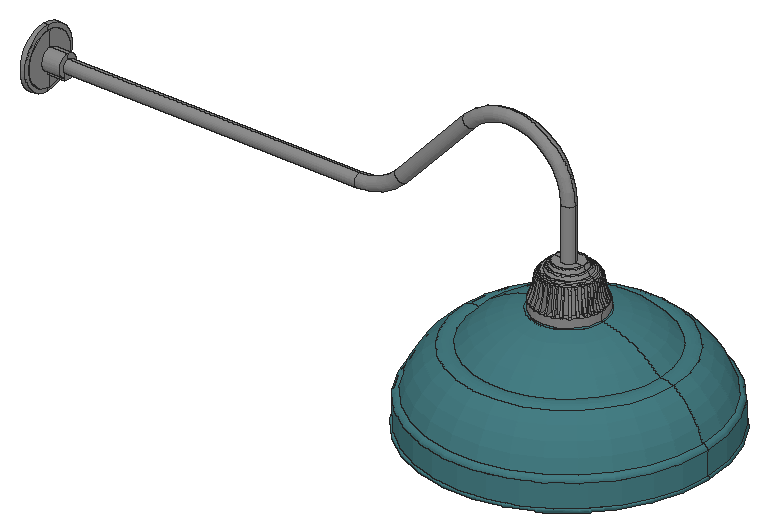
Revit family "Urban Bistro BRU 14,16,18,20,22", category Lighting Fixtures, Revit 2020 (continued)
Definition of nested family "BRU18_1"
  Definition of nested family "BRU18"
    Forms (in)
      Extrusion 29, void
        sketch origin (0, 0, 0.63091) x (-0.19509, -0.980785, 0) y (0, 0, 1)
          loop
            arc (0.1893, 7.17593) -> (0.16453, 8.05868) -> (0.1562, 8.94175) r 47.42066
        from 2.0371 to 2.60892
      Extrusion 30, void
        sketch origin (0, 0, 0.63091) x (0, 1, 0) y (0, 0, 1)
          loop
            arc (0.1562, 8.94175) -> (0, 9.10087) -> (-0.1562, 8.94175) r 0.15622
            arc (-0.1562, 8.94175) -> (-0.16453, 8.05868) -> (-0.1893, 7.17593) r 47.42066
            line (-0.1893, 7.17593) -> (0.1893, 7.17593)
            arc (0.1893, 7.17593) -> (0.16453, 8.05868) -> (0.1562, 8.94175) r 47.42066
        from 2.04193 to 2.60892
      Extrusion 31, void
        sketch origin (0, 0, 0.63091) x (0, -1, 0) y (0, 0, 1)
          loop
            arc (0.1562, 8.94175) -> (0, 9.10087) -> (-0.1562, 8.94175) r 0.15622
            arc (-0.1562, 8.94175) -> (-0.16453, 8.05868) -> (-0.1893, 7.17593) r 47.42066
            line (-0.1893, 7.17593) -> (0.1893, 7.17593)
            arc (0.1893, 7.17593) -> (0.16453, 8.05868) -> (0.1562, 8.94175) r 47.42066
        from 2.03697 to 2.60892
      Extrusion 32, void
        sketch origin (0, 0, 0.63091) x (0.55557, -0.83147, 0) y (0, 0, 1)
          loop
            arc (0.1562, 8.94175) -> (0, 9.10087) -> (-0.1562, 8.94175) r 0.15622
            arc (-0.1562, 8.94175) -> (-0.16453, 8.05868) -> (-0.1893, 7.17593) r 47.42066
            line (-0.1893, 7.17593) -> (0.1893, 7.17593)
            arc (0.1893, 7.17593) -> (0.16453, 8.05868) -> (0.1562, 8.94175) r 47.42066
        from 2.03636 to 2.60892
      Extrusion 33, void
        sketch origin (0, 0, 0.63091) x (-0.55557, 0.83147, 0) y (0, 0, 1)
          loop
            arc (0.1562, 8.94175) -> (0, 9.10087) -> (-0.1562, 8.94175) r 0.15622
            arc (-0.1562, 8.94175) -> (-0.16453, 8.05868) -> (-0.1893, 7.17593) r 47.42066
            line (-0.1893, 7.17593) -> (0.1893, 7.17593)
            arc (0.1893, 7.17593) -> (0.16453, 8.05868) -> (0.1562, 8.94175) r 47.42066
        from 2.06299 to 2.60892
      Revolve 34, solid, material <- "SHADE", visible <- "BRU18"
        sketch origin (0, 0, 0) x (1, 0, 0) y (0, 0, 1)
          loop
            line (-2.25, 7.12517) -> (-2.57824, 7.12517)
            arc (-2.57824, 7.12517) -> (-4.14576, 6.64168) -> (-5.50714, 5.7265) r 5.625
            arc (-5.50714, 5.7265) -> (-6.00768, 5.73156) -> (-6.44795, 5.49341) r 1
            arc (-6.44795, 5.49341) -> (-7.6796, 4.03092) -> (-8.52123, 2.31411) r 7.85162
            arc (-8.52123, 2.31411) -> (-8.78684, 2.20214) -> (-8.89453, 1.93476) r 0.375
            line (-8.89453, 1.93476) -> (-8.875, 0.25017)
            arc (-8.875, 0.25017) -> (-9.00009, 0.12509) -> (-8.875, 0) r 0.12509
            line (-8.875, 0) -> (-8.77834, 0) -> (-8.80079, 1.93585)
            arc (-8.80079, 1.93585) -> (-8.69604, 2.1581) -> (-8.4566, 2.21322) r 0.28125
            arc (-8.4566, 2.21322) -> (-7.62124, 3.94861) -> (-6.38413, 5.42473) r 7.75787
            arc (-6.38413, 5.42473) -> (-5.96044, 5.64631) -> (-5.48295, 5.62143) r 0.90625
            arc (-5.48295, 5.62143) -> (-4.13239, 6.54409) -> (-2.57103, 7.03142) r 5.53125
            line (-2.57103, 7.03142) -> (-2.15625, 7.03142) -> (-2.15625, 7.50615) -> (-1.93306, 7.72777)
            arc (-1.93306, 7.72777) -> (-1.91585, 7.7675) -> (-1.95, 7.79412) r 0.03537
            line (-1.95, 7.79412) -> (-1.99912, 7.7943) -> (-2.25, 7.54517) -> (-2.25, 7.12517)
          axis (0, 0) -> (0, 7.7943)
        angle from 0 to 360
    Cuts and joins
      Extrusion 2, Extrusion 3, Extrusion 4, Extrusion 5, Extrusion 6, Extrusion 7, Extrusion 8, Extrusion 9, Extrusion 10, Extrusion 11, Extrusion 12, Extrusion 13, Extrusion 14, Extrusion 15, Extrusion 16, Extrusion 17, Extrusion 18, Extrusion 19, Extrusion 20, Extrusion 21, Extrusion 22, Extrusion 23, Extrusion 24, Extrusion 25, Extrusion 26, Extrusion 27, Extrusion 28, Extrusion 29, Extrusion 30, Extrusion 31, Extrusion 32, Extrusion 33 cuts Revolve 1
    Dimensions and locks (in)
      aligned and locked: plane 2 to level
      aligned and locked: Revolve 1 sketch curve to plane 4
Definition of nested family "BRU20_1"
  Parameters (values of type "BRU20_1")
    Light Elevation [instance] = 4' - 0"
    HUB [instance] = none
    Default Elevation = 0' - 0"
    Body [instance] = none
    BRU20 [instance] = yes
  Reference planes (in)
    plane 1 "Center (Front/Back)": y = 0
    plane 2: z = 0
    plane 3 "Center (Left/Right)": x = 0
    plane 4: z = 48
  Dimensions and locks (in)
    "Light Elevation": plane 4 to plane 2
    aligned and locked: plane 2 to level
    aligned and locked: plane 1 "Center (Front/Back)" to nested 1
    aligned and locked: plane 3 "Center (Left/Right)" to nested 1
    aligned and locked: plane 4 to nested 1
  Nested families (in)
    nested 1: "BRU20" at (0, 0, 37), SHADE <- "Body", HUB <- "HUB", visible <- "BRU20", BRU20 <- "BRU20", type "BRU20"
      with SHADE none, HUB none
  Definition of nested family "BRU20"
    Parameters (values of type "BRU20")
      SHADE [instance] = none
      HUB [instance] = none
      Default Elevation = 0' - 0"
      BRU20 [instance] = yes
    Reference planes (in)
      plane 1 "Center (Front/Back)": y = 0
      plane 2: z = 0
      plane 3 "Center (Left/Right)": x = 0
      plane 4: z = 11
    Forms (in)
      Revolve 1, solid, material <- "HUB", visible <- "BRU20"
        sketch origin (0, 0, 1.07059) x (1, 0, 0) y (0, 0, 1)
          loop
            arc (-1.09903, 9.92941) -> (-1.12171, 9.92612) -> (-1.14253, 9.91655) r 0.08
            line (-1.14253, 9.91655) -> (-1.29313, 9.59416) -> (-1.41054, 9.59416)
            arc (-1.41054, 9.59416) -> (-1.45353, 9.58163) -> (-1.48305, 9.54797) r 0.08
            line (-1.48305, 9.54797) -> (-1.59547, 9.30689) -> (-1.79547, 9.30689)
            arc (-1.79547, 9.30689) -> (-1.84894, 9.28639) -> (-1.87501, 9.23539) r 0.08
            arc (-1.87501, 9.23539) -> (-1.89411, 9.17729) -> (-1.93534, 9.13211) r 0.14595
            arc (-1.93534, 9.13211) -> (-1.97647, 9.10191) -> (-2.01677, 9.07061) r 1.89392
            arc (-2.01677, 9.07061) -> (-2.14099, 8.88463) -> (-2.18385, 8.66511) r 0.56845
            arc (-2.18385, 8.66511) -> (-2.3223, 7.96682) -> (-2.5672, 7.29839) r 4.58402
            arc (-2.5672, 7.29839) -> (-2.59166, 7.23933) -> (-2.6, 7.17595) r 0.24491
            line (-2.6, 7.17595) -> (-2.6, 6.55689) -> (-2.28, 6.55689) -> (-2.28, 6.93689) -> (-2, 7.18689) -> (-1.74987, 8.96668)
            arc (-1.74987, 8.96668) -> (-1.66631, 9.12057) -> (-1.5023, 9.18189) r 0.25
            line (-1.5023, 9.18189) -> (-0.3125, 9.18189) -> (-0.3125, 9.92941) -> (-1.09903, 9.92941)
          axis (0, 9.92941) -> (0, 6.55689)
        angle from 0 to 360
      Extrusion 2, void
        sketch origin (0, 0, 1.07059) x (1, 0, 0) y (0, 0, 1)
          loop
            arc (0.1562, 8.94175) -> (0, 9.10087) -> (-0.1562, 8.94175) r 0.15622
            arc (-0.1562, 8.94175) -> (-0.16453, 8.05868) -> (-0.1893, 7.17593) r 47.42066
            line (-0.1893, 7.17593) -> (0.1893, 7.17593)
            arc (0.1893, 7.17593) -> (0.16453, 8.05868) -> (0.1562, 8.94175) r 47.42066
        from 2.01546 to 2.60892
      Extrusion 3, void
        sketch origin (0, 0, 1.07059) x (-1, 0, 0) y (0, 0, 1)
          loop
            arc (0.1562, 8.94175) -> (0, 9.10087) -> (-0.1562, 8.94175) r 0.15622
            arc (-0.1562, 8.94175) -> (-0.16453, 8.05868) -> (-0.1893, 7.17593) r 47.42066
            line (-0.1893, 7.17593) -> (0.1893, 7.17593)
            arc (0.1893, 7.17593) -> (0.16453, 8.05868) -> (0.1562, 8.94175) r 47.42066
        from 2.04762 to 2.60892
      Extrusion 4, void
        sketch origin (0, 0, 1.07059) x (0.980785, 0.19509, 0) y (0, 0, 1)
          loop
            arc (0.1562, 8.94175) -> (0, 9.10087) -> (-0.1562, 8.94175) r 0.15622
            arc (-0.1562, 8.94175) -> (-0.16453, 8.05868) -> (-0.1893, 7.17593) r 47.42066
            line (-0.1893, 7.17593) -> (0.1893, 7.17593)
            arc (0.1893, 7.17593) -> (0.16453, 8.05868) -> (0.1562, 8.94175) r 47.42066
        from 2.01546 to 2.60892
      Extrusion 5, void
        sketch origin (0, 0, 1.07059) x (-0.980785, -0.19509, 0) y (0, 0, 1)
          loop
            arc (0.1562, 8.94175) -> (0, 9.10087) -> (-0.1562, 8.94175) r 0.15622
            arc (-0.1562, 8.94175) -> (-0.16453, 8.05868) -> (-0.1893, 7.17593) r 47.42066
            line (-0.1893, 7.17593) -> (0.1893, 7.17593)
            arc (0.1893, 7.17593) -> (0.16453, 8.05868) -> (0.1562, 8.94175) r 47.42066
        from 2.04156 to 2.60892
      Extrusion 6, void
        sketch origin (0, 0, 1.07059) x (0.92388, 0.382683, 0) y (0, 0, 1)
          loop
            arc (0.1562, 8.94175) -> (0, 9.10087) -> (-0.1562, 8.94175) r 0.15622
            arc (-0.1562, 8.94175) -> (-0.16453, 8.05868) -> (-0.1893, 7.17593) r 47.42066
            line (-0.1893, 7.17593) -> (0.1893, 7.17593)
            arc (0.1893, 7.17593) -> (0.16453, 8.05868) -> (0.1562, 8.94175) r 47.42066
        from 2.01546 to 2.60892
      Extrusion 7, void
        sketch origin (0, 0, 1.07059) x (-0.92388, -0.382683, 0) y (0, 0, 1)
          loop
            arc (0.1562, 8.94175) -> (0, 9.10087) -> (-0.1562, 8.94175) r 0.15622
            arc (-0.1562, 8.94175) -> (-0.16453, 8.05868) -> (-0.1893, 7.17593) r 47.42066
            line (-0.1893, 7.17593) -> (0.1893, 7.17593)
            arc (0.1893, 7.17593) -> (0.16453, 8.05868) -> (0.1562, 8.94175) r 47.42066
        from 2.03658 to 2.60892
      Extrusion 8, void
        sketch origin (0, 0, 1.07059) x (0.83147, 0.55557, 0) y (0, 0, 1)
          loop
            arc (0.1562, 8.94175) -> (0, 9.10087) -> (-0.1562, 8.94175) r 0.15622
            arc (-0.1562, 8.94175) -> (-0.16453, 8.05868) -> (-0.1893, 7.17593) r 47.42066
            line (-0.1893, 7.17593) -> (0.1893, 7.17593)
            arc (0.1893, 7.17593) -> (0.16453, 8.05868) -> (0.1562, 8.94175) r 47.42066
        from 2.01546 to 2.60892
      Extrusion 9, void
        sketch origin (0, 0, 1.07059) x (-0.83147, -0.55557, 0) y (0, 0, 1)
          loop
            arc (0.1562, 8.94175) -> (0, 9.10087) -> (-0.1562, 8.94175) r 0.15622
            arc (-0.1562, 8.94175) -> (-0.16453, 8.05868) -> (-0.1893, 7.17593) r 47.42066
            line (-0.1893, 7.17593) -> (0.1893, 7.17593)
            arc (0.1893, 7.17593) -> (0.16453, 8.05868) -> (0.1562, 8.94175) r 47.42066
        from 2.01546 to 2.60892
      Extrusion 10, void
        sketch origin (0, 0, 1.07059) x (0.707107, 0.707107, 0) y (0, 0, 1)
          loop
            arc (0.1562, 8.94175) -> (0, 9.10087) -> (-0.1562, 8.94175) r 0.15622
            arc (-0.1562, 8.94175) -> (-0.16453, 8.05868) -> (-0.1893, 7.17593) r 47.42066
            line (-0.1893, 7.17593) -> (0.1893, 7.17593)
            arc (0.1893, 7.17593) -> (0.16453, 8.05868) -> (0.1562, 8.94175) r 47.42066
        from 2.01546 to 2.60892
      Extrusion 11, void
        sketch origin (0, 0, 1.07059) x (-0.707107, -0.707107, 0) y (0, 0, 1)
          loop
            arc (0.1562, 8.94175) -> (0, 9.10087) -> (-0.1562, 8.94175) r 0.15622
            arc (-0.1562, 8.94175) -> (-0.16453, 8.05868) -> (-0.1893, 7.17593) r 47.42066
            line (-0.1893, 7.17593) -> (0.1893, 7.17593)
            arc (0.1893, 7.17593) -> (0.16453, 8.05868) -> (0.1562, 8.94175) r 47.42066
        from 2.01546 to 2.60892
      Extrusion 12, void
        sketch origin (0, 0, 1.07059) x (0.980785, -0.19509, 0) y (0, 0, 1)
          loop
            arc (0.1562, 8.94175) -> (0, 9.10087) -> (-0.1562, 8.94175) r 0.15622
            arc (-0.1562, 8.94175) -> (-0.16453, 8.05868) -> (-0.1893, 7.17593) r 47.42066
            line (-0.1893, 7.17593) -> (0.1893, 7.17593)
            arc (0.1893, 7.17593) -> (0.16453, 8.05868) -> (0.1562, 8.94175) r 47.42066
        from 2.01546 to 2.60892
      Extrusion 13, void
        sketch origin (0, 0, 1.07059) x (-0.980785, 0.19509, 0) y (0, 0, 1)
          loop
            arc (0.1562, 8.94175) -> (0, 9.10087) -> (-0.1562, 8.94175) r 0.15622
            arc (-0.1562, 8.94175) -> (-0.16453, 8.05868) -> (-0.1893, 7.17593) r 47.42066
            line (-0.1893, 7.17593) -> (0.1893, 7.17593)
            arc (0.1893, 7.17593) -> (0.16453, 8.05868) -> (0.1562, 8.94175) r 47.42066
        from 2.01546 to 2.60892
      Extrusion 14, void
        sketch origin (0, 0, 1.07059) x (0.92388, -0.382683, 0) y (0, 0, 1)
          loop
            arc (0.1562, 8.94175) -> (0, 9.10087) -> (-0.1562, 8.94175) r 0.15622
            arc (-0.1562, 8.94175) -> (-0.16453, 8.05868) -> (-0.1893, 7.17593) r 47.42066
            line (-0.1893, 7.17593) -> (0.1893, 7.17593)
            arc (0.1893, 7.17593) -> (0.16453, 8.05868) -> (0.1562, 8.94175) r 47.42066
        from 2.01546 to 2.60892
      Extrusion 15, void
        sketch origin (0, 0, 1.07059) x (-0.92388, 0.382683, 0) y (0, 0, 1)
          loop
            arc (0.1562, 8.94175) -> (0, 9.10087) -> (-0.1562, 8.94175) r 0.15622
            arc (-0.1562, 8.94175) -> (-0.16453, 8.05868) -> (-0.1893, 7.17593) r 47.42066
            line (-0.1893, 7.17593) -> (0.1893, 7.17593)
            arc (0.1893, 7.17593) -> (0.16453, 8.05868) -> (0.1562, 8.94175) r 47.42066
        from 2.01546 to 2.60892
      Extrusion 16, void
        sketch origin (0, 0, 1.07059) x (0.83147, -0.55557, 0) y (0, 0, 1)
          loop
            arc (0.1562, 8.94175) -> (0, 9.10087) -> (-0.1562, 8.94175) r 0.15622
            arc (-0.1562, 8.94175) -> (-0.16453, 8.05868) -> (-0.1893, 7.17593) r 47.42066
            line (-0.1893, 7.17593) -> (0.1893, 7.17593)
            arc (0.1893, 7.17593) -> (0.16453, 8.05868) -> (0.1562, 8.94175) r 47.42066
        from 2.01546 to 2.60892
      Extrusion 17, void
        sketch origin (0, 0, 1.07059) x (-0.83147, 0.55557, 0) y (0, 0, 1)
          loop
            arc (0.1562, 8.94175) -> (0, 9.10087) -> (-0.1562, 8.94175) r 0.15622
            arc (-0.1562, 8.94175) -> (-0.16453, 8.05868) -> (-0.1893, 7.17593) r 47.42066
            line (-0.1893, 7.17593) -> (0.1893, 7.17593)
            arc (0.1893, 7.17593) -> (0.16453, 8.05868) -> (0.1562, 8.94175) r 47.42066
        from 2.01546 to 2.60892
      Extrusion 18, void
        sketch origin (0, 0, 1.07059) x (0.707107, -0.707107, 0) y (0, 0, 1)
          loop
            arc (0.1562, 8.94175) -> (0, 9.10087) -> (-0.1562, 8.94175) r 0.15622
            arc (-0.1562, 8.94175) -> (-0.16453, 8.05868) -> (-0.1893, 7.17593) r 47.42066
            line (-0.1893, 7.17593) -> (0.1893, 7.17593)
            arc (0.1893, 7.17593) -> (0.16453, 8.05868) -> (0.1562, 8.94175) r 47.42066
        from 2.01546 to 2.60892
      Extrusion 19, void
        sketch origin (0, 0, 1.07059) x (-0.707107, 0.707107, 0) y (0, 0, 1)
          loop
            arc (0.1562, 8.94175) -> (0, 9.10087) -> (-0.1562, 8.94175) r 0.15622
            arc (-0.1562, 8.94175) -> (-0.16453, 8.05868) -> (-0.1893, 7.17593) r 47.42066
            line (-0.1893, 7.17593) -> (0.1893, 7.17593)
            arc (0.1893, 7.17593) -> (0.16453, 8.05868) -> (0.1562, 8.94175) r 47.42066
        from 2.01546 to 2.60892
      Extrusion 20, void
        sketch origin (-0.00391, 0, 1.07059) x (0.382683, -0.92388, 0) y (0, 0, 1)
          loop
            arc (0.1562, 8.94175) -> (0, 9.10087) -> (-0.1562, 8.94175) r 0.15622
            arc (-0.1562, 8.94175) -> (-0.16453, 8.05868) -> (-0.1893, 7.17593) r 47.42066
            line (-0.1893, 7.17593) -> (0.1893, 7.17593)
            arc (0.1893, 7.17593) -> (0.16453, 8.05868) -> (0.1562, 8.94175) r 47.42066
        from 2.02883 to 2.60892
      Extrusion 21, void
        sketch origin (0, 0, 1.07059) x (-0.382683, 0.92388, 0) y (0, 0, 1)
          loop
            arc (0.1562, 8.94175) -> (0, 9.10087) -> (-0.1562, 8.94175) r 0.15622
            arc (-0.1562, 8.94175) -> (-0.16453, 8.05868) -> (-0.1893, 7.17593) r 47.42066
            line (-0.1893, 7.17593) -> (0.1893, 7.17593)
            arc (0.1893, 7.17593) -> (0.16453, 8.05868) -> (0.1562, 8.94175) r 47.42066
        from 2.03251 to 2.60892
      Extrusion 22, void
        sketch origin (-0.00391, 0, 1.07059) x (0.19509, -0.980785, 0) y (0, 0, 1)
          loop
            arc (0.1562, 8.94175) -> (0, 9.10087) -> (-0.1562, 8.94175) r 0.15622
            arc (-0.1562, 8.94175) -> (-0.16453, 8.05868) -> (-0.1893, 7.17593) r 47.42066
            line (-0.1893, 7.17593) -> (0.1893, 7.17593)
            arc (0.1893, 7.17593) -> (0.16453, 8.05868) -> (0.1562, 8.94175) r 47.42066
        from 2.02341 to 2.60892
      Extrusion 23, void
        sketch origin (0, 0, 1.07059) x (-0.19509, 0.980785, 0) y (0, 0, 1)
          loop
            arc (0.1562, 8.94175) -> (0, 9.10087) -> (-0.1562, 8.94175) r 0.15622
            arc (-0.1562, 8.94175) -> (-0.16453, 8.05868) -> (-0.1893, 7.17593) r 47.42066
            line (-0.1893, 7.17593) -> (0.1893, 7.17593)
            arc (0.1893, 7.17593) -> (0.16453, 8.05868) -> (0.1562, 8.94175) r 47.42066
        from 2.04196 to 2.60892
      Extrusion 24, void
        sketch origin (0, 0, 1.07059) x (0.55557, 0.83147, 0) y (0, 0, 1)
          loop
            arc (0.1562, 8.94175) -> (0, 9.10087) -> (-0.1562, 8.94175) r 0.15622
            arc (-0.1562, 8.94175) -> (-0.16453, 8.05868) -> (-0.1893, 7.17593) r 47.42066
            line (-0.1893, 7.17593) -> (0.1893, 7.17593)
            arc (0.1893, 7.17593) -> (0.16453, 8.05868) -> (0.1562, 8.94175) r 47.42066
        from 2.02974 to 2.60892
      Extrusion 25, void
        sketch origin (0, 0, 1.07059) x (-0.55557, -0.83147, 0) y (0, 0, 1)
          loop
            arc (0.1562, 8.94175) -> (0, 9.10087) -> (-0.1562, 8.94175) r 0.15622
            arc (-0.1562, 8.94175) -> (-0.16453, 8.05868) -> (-0.1893, 7.17593) r 47.42066
            line (-0.1893, 7.17593) -> (0.1893, 7.17593)
            arc (0.1893, 7.17593) -> (0.16453, 8.05868) -> (0.1562, 8.94175) r 47.42066
        from 2.03706 to 2.60892
      Extrusion 26, void
        sketch origin (0, 0, 1.07059) x (0.382683, 0.92388, 0) y (0, 0, 1)
          loop
            arc (0.1562, 8.94175) -> (0, 9.10087) -> (-0.1562, 8.94175) r 0.15622
            arc (-0.1562, 8.94175) -> (-0.16453, 8.05868) -> (-0.1893, 7.17593) r 47.42066
            line (-0.1893, 7.17593) -> (0.1893, 7.17593)
            arc (0.1893, 7.17593) -> (0.16453, 8.05868) -> (0.1562, 8.94175) r 47.42066
        from 2.03226 to 2.60892
      Extrusion 27, void
        sketch origin (0, 0, 1.07059) x (-0.382683, -0.92388, 0) y (0, 0, 1)
          loop
            arc (0.1562, 8.94175) -> (0, 9.10087) -> (-0.1562, 8.94175) r 0.15622
            arc (-0.1562, 8.94175) -> (-0.16453, 8.05868) -> (-0.1893, 7.17593) r 47.42066
            line (-0.1893, 7.17593) -> (0.1893, 7.17593)
            arc (0.1893, 7.17593) -> (0.16453, 8.05868) -> (0.1562, 8.94175) r 47.42066
        from 2.03901 to 2.60892
      Extrusion 28, void
        sketch origin (0, 0, 1.07059) x (0.19509, 0.980785, 0) y (0, 0, 1)
          loop
            arc (0.1562, 8.94175) -> (0, 9.10087) -> (-0.1562, 8.94175) r 0.15622
            arc (-0.1562, 8.94175) -> (-0.16453, 8.05868) -> (-0.1893, 7.17593) r 47.42066
            line (-0.1893, 7.17593) -> (0.1893, 7.17593)
            arc (0.1893, 7.17593) -> (0.16453, 8.05868) -> (0.1562, 8.94175) r 47.42066
        from 2.03393 to 2.60892
      Extrusion 29, void
        sketch origin (0, 0, 1.07059) x (-0.19509, -0.980785, 0) y (0, 0, 1)
          loop
            arc (0.1562, 8.94175) -> (0, 9.10087) -> (-0.1562, 8.94175) r 0.15622
            arc (-0.1562, 8.94175) -> (-0.16453, 8.05868) -> (-0.1893, 7.17593) r 47.42066
            line (-0.1893, 7.17593) -> (0.1893, 7.17593)
            arc (0.1893, 7.17593) -> (0.16453, 8.05868) -> (0.1562, 8.94175) r 47.42066
        from 2.0371 to 2.60892
      Extrusion 30, void
        sketch origin (0, 0, 1.07059) x (0, 1, 0) y (0, 0, 1)
          loop
            arc (0.1562, 8.94175) -> (0, 9.10087) -> (-0.1562, 8.94175) r 0.15622
            arc (-0.1562, 8.94175) -> (-0.16453, 8.05868) -> (-0.1893, 7.17593) r 47.42066
            line (-0.1893, 7.17593) -> (0.1893, 7.17593)
            arc (0.1893, 7.17593) -> (0.16453, 8.05868) -> (0.1562, 8.94175) r 47.42066
        from 2.04193 to 2.60892
      Extrusion 31, void
        sketch origin (0, 0, 1.07059) x (0, -1, 0) y (0, 0, 1)
          loop
            arc (0.1562, 8.94175) -> (0, 9.10087) -> (-0.1562, 8.94175) r 0.15622
            arc (-0.1562, 8.94175) -> (-0.16453, 8.05868) -> (-0.1893, 7.17593) r 47.42066
            line (-0.1893, 7.17593) -> (0.1893, 7.17593)
            arc (0.1893, 7.17593) -> (0.16453, 8.05868) -> (0.1562, 8.94175) r 47.42066
        from 2.03697 to 2.60892
      Extrusion 32, void
        sketch origin (0, 0, 1.07059) x (0.55557, -0.83147, 0) y (0, 0, 1)
          loop
            arc (0.1562, 8.94175) -> (0, 9.10087) -> (-0.1562, 8.94175) r 0.15622
            arc (-0.1562, 8.94175) -> (-0.16453, 8.05868) -> (-0.1893, 7.17593) r 47.42066
            line (-0.1893, 7.17593) -> (0.1893, 7.17593)
            arc (0.1893, 7.17593) -> (0.16453, 8.05868) -> (0.1562, 8.94175) r 47.42066
        from 2.03636 to 2.60892
      Extrusion 33, void
        sketch origin (0, 0, 1.07059) x (-0.55557, 0.83147, 0) y (0, 0, 1)
          loop
            arc (0.1562, 8.94175) -> (0, 9.10087) -> (-0.1562, 8.94175) r 0.15622
            arc (-0.1562, 8.94175) -> (-0.16453, 8.05868) -> (-0.1893, 7.17593) r 47.42066
            line (-0.1893, 7.17593) -> (0.1893, 7.17593)
            arc (0.1893, 7.17593) -> (0.16453, 8.05868) -> (0.1562, 8.94175) r 47.42066
        from 2.03457 to 2.60892
      Revolve 34, solid, material <- "SHADE", visible <- "BRU20"
        sketch origin (0, 0, 0) x (1, 0, 0) y (0, 0, 1)
          loop
            arc (-3.15113, 7.56788) -> (-5.0315, 6.89772) -> (-6.58003, 5.63799) r 5.89
            arc (-6.58003, 5.63799) -> (-7.03234, 5.6717) -> (-7.44226, 5.47757) r 0.88774
            arc (-7.44226, 5.47757) -> (-8.71516, 4.08217) -> (-9.58425, 2.40523) r 7.24695
            arc (-9.58425, 2.40523) -> (-9.88567, 2.31622) -> (-10.01351, 2.02911) r 0.375
            line (-10.01351, 2.02911) -> (-10.01036, 0.24957)
            arc (-10.01036, 0.24957) -> (-10.13515, 0.12478) -> (-10.01036, 0) r 0.12478
            line (-10.01036, 0) -> (-9.91976, 0) -> (-9.91976, 2.02986)
            arc (-9.91976, 2.02986) -> (-9.79398, 2.26857) -> (-9.52515, 2.29155) r 0.28125
            arc (-9.52515, 2.29155) -> (-8.66296, 3.99289) -> (-7.38182, 5.40591) r 7.1532
            arc (-7.38182, 5.40591) -> (-6.98429, 5.58465) -> (-6.55231, 5.52661) r 0.79399
            arc (-6.55231, 5.52661) -> (-5.01759, 6.79784) -> (-3.14302, 7.47413) r 5.79625
            line (-3.14302, 7.47413) -> (-2.15625, 7.47413) -> (-2.15625, 7.94893) -> (-1.93333, 8.17094)
            arc (-1.93333, 8.17094) -> (-1.91576, 8.21065) -> (-1.95, 8.23737) r 0.03531
            line (-1.95, 8.23737) -> (-1.99949, 8.23737) -> (-2.25, 7.98788) -> (-2.25, 7.56788) -> (-3.15113, 7.56788)
          axis (0, 0) -> (0, 8.23737)
        angle from 0 to 360
    Cuts and joins
      Extrusion 2, Extrusion 3, Extrusion 4, Extrusion 5, Extrusion 6, Extrusion 7, Extrusion 8, Extrusion 9, Extrusion 10, Extrusion 11, Extrusion 12, Extrusion 13, Extrusion 14, Extrusion 15, Extrusion 16, Extrusion 17, Extrusion 18, Extrusion 19, Extrusion 20, Extrusion 21, Extrusion 22, Extrusion 23, Extrusion 24, Extrusion 25, Extrusion 26, Extrusion 27, Extrusion 28, Extrusion 29, Extrusion 30, Extrusion 31, Extrusion 32, Extrusion 33 cuts Revolve 1
    Dimensions and locks (in)
      plane 4 to plane 2 = 0' - 11"
      aligned and locked: plane 2 to level
      aligned and locked: Revolve 1 sketch curve to plane 4
Types (6): name | a | Weight | URL | Model | Fixture Height | Fixture Diameter | BRU22 | BRU20 | BRU18 | BRU16 | BRU14
  (no name) | 1' - 1" | "6.2lb" | "https://www.anplighting.com/assets/Uploads/product-attachments/specification-sheets/ANP-Specification-Sheet-INC-BRU22.pdf" | "BRU22" | 0' - 11 5/8" | 1' - 10" | yes | no | no | no | no
  BRU14 | 0' - 11" | "3.7lb" | "https://www.anplighting.com/assets/Uploads/product-attachments/specification-sheets/ANP-Specification-Sheet-INC-BRU14.pdf" | "BRU14" | 0' - 9 7/8" | 1' - 2" | no | no | no | no | yes
  BRU16 | 0' - 11" | "4.2lb" | "https://www.anplighting.com/assets/Uploads/product-attachments/specification-sheets/ANP-Specification-Sheet-INC-BRU16.pdf" | "BRU16" | 0' - 10 3/8" | 1' - 4" | no | no | no | yes | no
  BRU18 | 0' - 11" | "4.7lb" | "https://www.anplighting.com/assets/Uploads/product-attachments/specification-sheets/ANP-Specification-Sheet-INC-BRU18.pdf" | "BRU18" | 0' - 10 1/2" | 1' - 6" | no | no | yes | no | no
  BRU20 | 1' - 0" | "5.7lb" | "https://www.anplighting.com/assets/Uploads/product-attachments/specification-sheets/ANP-Specification-Sheet-INC-BRU20.pdf" | "BRU20" | 0' - 11" | 1' - 8 1/4" | no | yes | no | no | no
  BRU22 | 1' - 1" | "6.2lb" | "https://www.anplighting.com/assets/Uploads/product-attachments/specification-sheets/ANP-Specification-Sheet-INC-BRU22.pdf" | "BRU22" | 0' - 11 5/8" | 1' - 10" | yes | no | no | no | no
